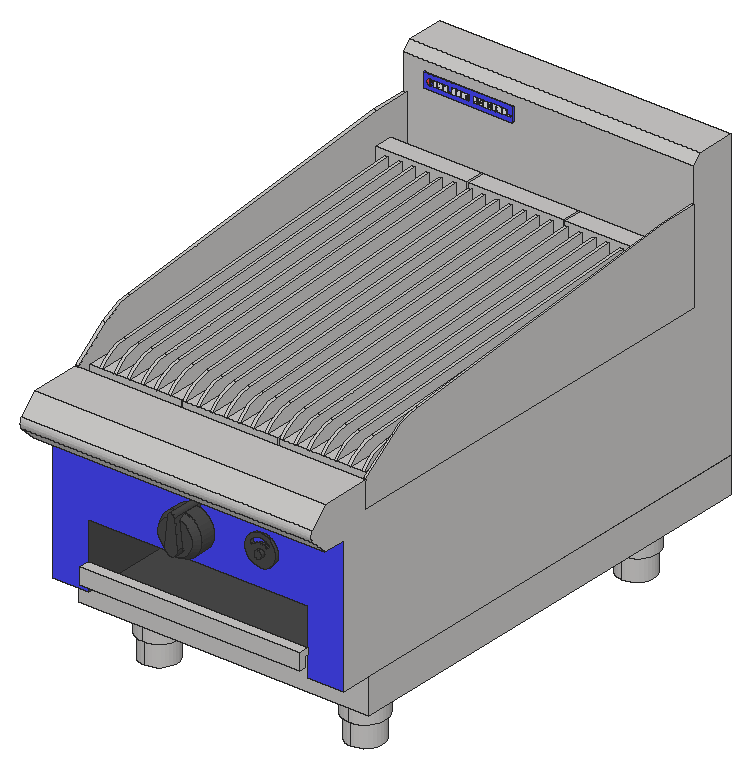
Revit family "QF_MOFFAT_BLUESEAL_CE_G593-B", category Specialty Equipment, Revit 2012
Parameters
  Weight in Pounds = 217  # constant formula
  URL Cutsheet = "www.moffat.com"
  URL = "www.moffat.com"
  Type Mark [instance] = ""
  Status [instance] = ""
  Specification by User [instance] = ""
  Specification by Manufacturer = ""
  Show Logo [instance] = yes
  Show Casters [instance] = yes
  Serial Number = ""
  Seismic Rating = ""
  SMACNA No = ""
  Revision Code [instance] = ""
  Omniclass Number and Title = ""
  NAFEM Spec ID Number = ""
  Model = "G593-B"
  Mechanical Remarks [instance] = ""
  Mechanical Connection Type [instance] = ""
  Masterspec = ""
  Manufacturer = "MOFFAT BLUESEAL"
  Legs [instance] = not(Show Casters)  # no
  Item Number [instance] = ""
  Installed By [instance] = ""
  Identify Quantity as Lot [instance] = yes
  Gas Size = 3/4"
  Gas RI Height [instance] = 0 mm
  Gas KW [instance] = 14.4
  Gas Input [instance] = 48500.0 Btu/h
  Gas Connection Height = 0 mm
  Furnished By [instance] = ""
  Foodservice Equipment Identifier [instance] = yes
  Description = "450MM GAS CHARGRILL BENCH MOUNT"
  CSI MasterFormat = ""
  CSI Master Format = ""
  Body Finish = QF_Finishes_Stainless Steel
Reference planes
  plane 1 "BACK": y = 0
  plane 2: z = 0
  plane 3 "LEFT": x = 0
  plane 4 "RIGHT": x = 450
  plane 5 "FRONT": y = -812
  plane 6 "TOP": z = 972
  plane 7 "Center Y": x = 225
  plane 8 "Center X": y = -406
  plane 9: y = -100
  plane 10: y = -625
  plane 11: z = 585
  plane 12: x = 65.5
  plane 13: x = 384.5
Forms (mm)
  Extrusion 1, solid, material "QF_Finishes_Stainless Steel" <- "Body Finish"
    sketch origin (0, 0, -500) x (0, 1, 0) y (0, 0, 1)
      loop
        line (0, 640) -> (0, 1085) -> (-57.5, 1085) -> (-70, 1072.5) -> (-70, 875) -> (-705, 875) -> (-705, 915) -> (-783.97, 915) -> (-808.485, 890.485)
        arc (-808.485, 890.485) -> (-811.999, 882) -> (-808.485, 873.515) r 12
        line (-808.485, 873.515) -> (-784.97, 850) -> (-749, 850) -> (-749, 640) -> (0, 640)
      loop
        line (0, 585) -> (0, 639.206) -> (-699, 639.206) -> (-699, 585) -> (0, 585)
    from 0 to 450
  Extrusion 2, solid, material "QF_Finishes_Stainless Steel" <- "Body Finish"
    sketch origin (0, 0, -342.612) x (0, 1, 0) y (0, 0, 1)
      loop
        line (-70, 717) -> (-70, 860.112) -> (-127.045, 860.112) -> (-604.53, 814.135)
        arc (-604.53, 814.135) -> (-629.557, 808.415) -> (-652.303, 796.511) r 100
        line (-652.303, 796.511) -> (-705, 759.612) -> (-705, 717) -> (-70, 717)
    from 0 to 4.5
  Extrusion 3, solid, material "QF_Finishes_Stainless Steel" <- "Body Finish"
    sketch origin (450, 0, 0) x (0, -1, 0) y (0, 0, 1)
      loop
        line (70, 374.388) -> (705, 374.388) -> (705, 417) -> (652.303, 453.899)
        arc (652.303, 453.899) -> (629.557, 465.803) -> (604.53, 471.523) r 100
        line (604.53, 471.523) -> (127.045, 517.5) -> (70, 517.5) -> (70, 374.388)
    from 0 to 3
  Extrusion 4, solid, material "QF_Finishes_Stainless Steel"
    sketch origin (276, 0, -342) x (0, 1, 0) y (0, 0, 1)
      loop
        line (-132, 752.364) -> (-132, 804.849) -> (-637.852, 774.53)
        arc (-637.852, 774.53) -> (-663.098, 767.97) -> (-684, 752.364) r 67.81
        line (-684, 752.364) -> (-132, 752.364)
    from 0 to 4.5
  Extrusion 5, solid, material "QF_Finishes_Stainless Steel"
    sketch origin (255, 0, -342) x (0, 1, 0) y (0, 0, 1)
      loop
        line (-132, 752.364) -> (-132, 804.849) -> (-637.852, 774.53)
        arc (-637.852, 774.53) -> (-663.098, 767.97) -> (-684, 752.364) r 67.81
        line (-684, 752.364) -> (-132, 752.364)
    from 0 to 4.5
  Extrusion 6, solid, material "QF_Finishes_Stainless Steel"
    sketch origin (234, 0, -342) x (0, 1, 0) y (0, 0, 1)
      loop
        line (-132, 752.364) -> (-132, 804.849) -> (-637.852, 774.53)
        arc (-637.852, 774.53) -> (-663.098, 767.97) -> (-684, 752.364) r 67.81
        line (-684, 752.364) -> (-132, 752.364)
    from 0 to 4.5
  Extrusion 7, solid, material "QF_Finishes_Stainless Steel"
    sketch origin (213, 0, -342) x (0, 1, 0) y (0, 0, 1)
      loop
        line (-132, 752.364) -> (-132, 804.849) -> (-637.852, 774.53)
        arc (-637.852, 774.53) -> (-663.098, 767.97) -> (-684, 752.364) r 67.81
        line (-684, 752.364) -> (-132, 752.364)
    from 0 to 4.5
  Extrusion 8, solid, material "QF_Finishes_Stainless Steel"
    sketch origin (192, 0, -342) x (0, 1, 0) y (0, 0, 1)
      loop
        line (-132, 752.364) -> (-132, 804.849) -> (-637.852, 774.53)
        arc (-637.852, 774.53) -> (-663.098, 767.97) -> (-684, 752.364) r 67.81
        line (-684, 752.364) -> (-132, 752.364)
    from 0 to 4.5
  Extrusion 9, solid, material "QF_Finishes_Stainless Steel"
    sketch origin (171, 0, -342) x (0, 1, 0) y (0, 0, 1)
      loop
        line (-132, 752.364) -> (-132, 804.849) -> (-637.852, 774.53)
        arc (-637.852, 774.53) -> (-663.098, 767.97) -> (-684, 752.364) r 67.81
        line (-684, 752.364) -> (-132, 752.364)
    from 0 to 4.5
  Extrusion 10, solid, material "QF_Finishes_Stainless Steel"
    sketch origin (150, 0, -342) x (0, 1, 0) y (0, 0, 1)
      loop
        line (-132, 752.364) -> (-132, 804.849) -> (-637.852, 774.53)
        arc (-637.852, 774.53) -> (-663.098, 767.97) -> (-684, 752.364) r 67.81
        line (-684, 752.364) -> (-132, 752.364)
    from 0 to 4.5
  Extrusion 11, solid, material "QF_Finishes_Stainless Steel"
    sketch origin (126, 0, -342) x (0, 1, 0) y (0, 0, 1)
      loop
        line (-132, 752.364) -> (-132, 804.849) -> (-637.852, 774.53)
        arc (-637.852, 774.53) -> (-663.098, 767.97) -> (-684, 752.364) r 67.81
        line (-684, 752.364) -> (-132, 752.364)
    from 0 to 4.5
  Extrusion 12, solid, material "QF_Finishes_Stainless Steel"
    sketch origin (105, 0, -342) x (0, 1, 0) y (0, 0, 1)
      loop
        line (-132, 752.364) -> (-132, 804.849) -> (-637.852, 774.53)
        arc (-637.852, 774.53) -> (-663.098, 767.97) -> (-684, 752.364) r 67.81
        line (-684, 752.364) -> (-132, 752.364)
    from 0 to 4.5
  Extrusion 13, solid, material "QF_Finishes_Stainless Steel"
    sketch origin (84, 0, -342) x (0, 1, 0) y (0, 0, 1)
      loop
        line (-132, 752.364) -> (-132, 804.849) -> (-637.852, 774.53)
        arc (-637.852, 774.53) -> (-663.098, 767.97) -> (-684, 752.364) r 67.81
        line (-684, 752.364) -> (-132, 752.364)
    from 0 to 4.5
  Extrusion 14, solid, material "QF_Finishes_Stainless Steel"
    sketch origin (63, 0, -342) x (0, 1, 0) y (0, 0, 1)
      loop
        line (-132, 752.364) -> (-132, 804.849) -> (-637.852, 774.53)
        arc (-637.852, 774.53) -> (-663.098, 767.97) -> (-684, 752.364) r 67.81
        line (-684, 752.364) -> (-132, 752.364)
    from 0 to 4.5
  Extrusion 15, solid, material "QF_Finishes_Stainless Steel"
    sketch origin (42, 0, -342) x (0, 1, 0) y (0, 0, 1)
      loop
        line (-132, 752.364) -> (-132, 804.849) -> (-637.852, 774.53)
        arc (-637.852, 774.53) -> (-663.098, 767.97) -> (-684, 752.364) r 67.81
        line (-684, 752.364) -> (-132, 752.364)
    from 0 to 4.5
  Extrusion 16, solid, material "QF_Finishes_Stainless Steel"
    sketch origin (21, 0, -342) x (0, 1, 0) y (0, 0, 1)
      loop
        line (-132, 752.364) -> (-132, 804.849) -> (-637.852, 774.53)
        arc (-637.852, 774.53) -> (-663.098, 767.97) -> (-684, 752.364) r 67.81
        line (-684, 752.364) -> (-132, 752.364)
    from 0 to 4.5
  Extrusion 17, solid, material "QF_Finishes_Stainless Steel"
    sketch origin (426, 0, -342) x (0, 1, 0) y (0, 0, 1)
      loop
        line (-132, 752.364) -> (-132, 804.849) -> (-637.852, 774.53)
        arc (-637.852, 774.53) -> (-663.098, 767.97) -> (-684, 752.364) r 67.81
        line (-684, 752.364) -> (-132, 752.364)
    from 0 to 4.5
  Extrusion 18, solid, material "QF_Finishes_Stainless Steel"
    sketch origin (405, 0, -342) x (0, 1, 0) y (0, 0, 1)
      loop
        line (-132, 752.364) -> (-132, 804.849) -> (-637.852, 774.53)
        arc (-637.852, 774.53) -> (-663.098, 767.97) -> (-684, 752.364) r 67.81
        line (-684, 752.364) -> (-132, 752.364)
    from 0 to 4.5
  Extrusion 19, solid, material "QF_Finishes_Stainless Steel"
    sketch origin (384, 0, -342) x (0, 1, 0) y (0, 0, 1)
      loop
        line (-132, 752.364) -> (-132, 804.849) -> (-637.852, 774.53)
        arc (-637.852, 774.53) -> (-663.098, 767.97) -> (-684, 752.364) r 67.81
        line (-684, 752.364) -> (-132, 752.364)
    from 0 to 4.5
  Extrusion 20, solid, material "QF_Finishes_Stainless Steel"
    sketch origin (363, 0, -342) x (0, 1, 0) y (0, 0, 1)
      loop
        line (-132, 752.364) -> (-132, 804.849) -> (-637.852, 774.53)
        arc (-637.852, 774.53) -> (-663.098, 767.97) -> (-684, 752.364) r 67.81
        line (-684, 752.364) -> (-132, 752.364)
    from 0 to 4.5
  Extrusion 21, solid, material "QF_Finishes_Stainless Steel"
    sketch origin (342, 0, -342) x (0, 1, 0) y (0, 0, 1)
      loop
        line (-132, 752.364) -> (-132, 804.849) -> (-637.852, 774.53)
        arc (-637.852, 774.53) -> (-663.098, 767.97) -> (-684, 752.364) r 67.81
        line (-684, 752.364) -> (-132, 752.364)
    from 0 to 4.5
  Extrusion 22, solid, material "QF_Finishes_Stainless Steel"
    sketch origin (321, 0, -342) x (0, 1, 0) y (0, 0, 1)
      loop
        line (-132, 752.364) -> (-132, 804.849) -> (-637.852, 774.53)
        arc (-637.852, 774.53) -> (-663.098, 767.97) -> (-684, 752.364) r 67.81
        line (-684, 752.364) -> (-132, 752.364)
    from 0 to 4.5
  Extrusion 23, solid, material "QF_Finishes_Stainless Steel"
    sketch origin (300, 0, -342) x (0, 1, 0) y (0, 0, 1)
      loop
        line (-132, 752.364) -> (-132, 804.849) -> (-637.852, 774.53)
        arc (-637.852, 774.53) -> (-663.098, 767.97) -> (-684, 752.364) r 67.81
        line (-684, 752.364) -> (-132, 752.364)
    from 0 to 4.5
  Extrusion 24, solid, material "QF_Finishes_Stainless Steel"
    sketch origin (0, 3, -500) x (1, 0, 0) y (0, 1, 0)
      loop
        circle (216, -35) r 13.5
    from 555 to 585
  Extrusion 25, solid, material "QF_Finishes_Stainless Steel"
    sketch origin (0, 0, -342) x (0, 1, 0) y (0, 0, 1)
      loop
        line (-132, 752.364) -> (-684, 752.364) -> (-684, 717) -> (-102, 717) -> (-102, 812) -> (-132, 812) -> (-132, 752.364)
    from 4.5 to 147
  Extrusion 26, solid, material "QF_Finishes_Stainless Steel"
    sketch origin (145.5, 0, -342) x (0, 1, 0) y (0, 0, 1)
      loop
        line (-132, 752.364) -> (-684, 752.364) -> (-684, 717) -> (-102, 717) -> (-102, 812) -> (-132, 812) -> (-132, 752.364)
    from 4.5 to 151.5
  Extrusion 27, solid, material "QF_Finishes_Stainless Steel"
    sketch origin (295.5, 0, -342) x (0, 1, 0) y (0, 0, 1)
      loop
        line (-132, 752.364) -> (-684, 752.364) -> (-684, 717) -> (-102, 717) -> (-102, 812) -> (-132, 812) -> (-132, 752.364)
    from 4.5 to 151.5
  Extrusion 28, solid, material "QF_Finishes_Black"
    sketch origin (0, -749, 350) x (0, 0, -1) y (1, 0, 0)
      loop
        circle (55.799, 325) r 23.9
      loop
        arc (44.5, 339.079) -> (37.915, 324.341) -> (45.718, 310.209) r 18.095
        arc (45.718, 310.209) -> (50.44, 311.491) -> (49.125, 316.204) r 3.448
        arc (49.125, 316.204) -> (45.557, 324.683) -> (48.44, 333.419) r 13.109
        arc (48.44, 333.419) -> (49.3, 338.219) -> (44.5, 339.079) r 3.448
    from 0 to 4
  Extrusion 29, solid, material "QF_Finishes_Black"
    sketch origin (0, -753, 350) x (0, 0, -1) y (1, 0, 0)
      loop
        circle (59.299, 325) r 5.75
    from 0 to 5
  Revolve 30, solid, material "QF_Finishes_Black"
    sketch origin (225, 7, -344.2) x (0, 1, 0) y (0, 0, 1)
      loop
        line (-789, 671.5) -> (-800, 665.651) -> (-800, 639) -> (-756, 639) -> (-756, 644) -> (-766, 644) -> (-766, 671.5) -> (-789, 671.5)
      axis (-800, 639) -> (-756, 639)
    angle from 0 to 360
  Extrusion 31, solid, material "QF_Finishes_Black"
    sketch origin (86.887, 7, -344.2) x (1, 0, 0) y (0, 0, 1)
      loop
        line (148.532, 628.195) -> (143.111, 671.113)
        arc (143.111, 671.113) -> (138.113, 676) -> (133.114, 671.113) r 5
        line (133.114, 671.113) -> (127.625, 627.028)
        arc (127.625, 627.028) -> (138.697, 616.529) -> (148.532, 628.195) r 10.487
    from 759 to 808
  Extrusion 32, void
    sketch origin (0, -749, 350) x (0, 0, 1) y (1, 0, 0)
      loop
        line (-210, 395) -> (-210, 55) -> (-110, 55) -> (-110, 395) -> (-210, 395)
    from 0 to 250
  Extrusion 33, solid, material "QF_Finishes_Stainless Steel"
    sketch origin (55, -749, 140) x (0, 0, 1) y (0, -1, 0)
      loop
        line (16.797, 15.924) -> (16.797, 5.924) -> (31.797, 5.924) -> (31.797, -31.346) -> (0, -31.346) -> (0, -50) -> (41.797, -50) -> (41.797, 15.924) -> (16.797, 15.924)
    from 0 to 340
  Revolve 34, solid, material "QF_Finishes_Stainless Steel" <- "Body Finish"
    sketch origin (65.5, -735, 0) x (0, 1, 0) y (0, 0, 1)
      loop
        line (78.25, 85) -> (78.25, 35) -> (82.5, 35) -> (82.5, 0) -> (110, 0) -> (110, 85) -> (78.25, 85)
      axis (110, 85) -> (110, 0)
    angle from 0 to 360
  Revolve 35, solid, material "QF_Finishes_Stainless Steel" <- "Body Finish"
    sketch origin (65.5, -210, 0) x (0, 1, 0) y (0, 0, 1)
      loop
        line (78.25, 85) -> (78.25, 35) -> (82.5, 35) -> (82.5, 0) -> (110, 0) -> (110, 85) -> (78.25, 85)
      axis (110, 85) -> (110, 0)
    angle from 0 to 360
  Revolve 36, solid, material "QF_Finishes_Stainless Steel" <- "Body Finish"
    sketch origin (384.5, -735, 0) x (0, 1, 0) y (0, 0, -1)
      loop
        line (78.25, -85) -> (110, -85) -> (110, 0) -> (82.5, 0) -> (82.5, -35) -> (78.25, -35) -> (78.25, -85)
      axis (110, -85) -> (110, 0)
    angle from 0 to 360
  Revolve 37, solid, material "QF_Finishes_Stainless Steel" <- "Body Finish"
    sketch origin (384.5, -210, 0) x (0, 1, 0) y (0, 0, -1)
      loop
        line (78.25, -85) -> (110, -85) -> (110, 0) -> (82.5, 0) -> (82.5, -35) -> (78.25, -35) -> (78.25, -85)
      axis (110, -85) -> (110, 0)
    angle from 0 to 360
Cuts and joins
  Extrusion 32 cuts Extrusion 33
  Extrusion 32 cuts Extrusion 1
Lines and regions (mm)
  Split face 1
    outline origin (450, 0, 585) x (-1, 0, 0) y (0, -1, 0)
      loop
        arc (174, 45.385) -> (165.34, 40.385) -> (165.34, 30.385) r 10
        line (165.34, 30.385) -> (169.381, 23.385)
        arc (169.381, 23.385) -> (173.041, 19.725) -> (178.041, 18.385) r 10
        line (178.041, 18.385) -> (406, 18.385)
        arc (406, 18.385) -> (414.66, 23.385) -> (414.66, 33.385) r 10
        line (414.66, 33.385) -> (410.619, 40.385)
        arc (410.619, 40.385) -> (406.959, 44.045) -> (401.959, 45.385) r 10
        line (401.959, 45.385) -> (174, 45.385)
  Split face 2
    outline origin (450, 0, 585) x (-1, 0, 0) y (0, -1, 0)
      loop
        arc (24, 45.385) -> (15.34, 40.385) -> (15.34, 30.385) r 10
        line (15.34, 30.385) -> (19.381, 23.385)
        arc (19.381, 23.385) -> (23.041, 19.725) -> (28.041, 18.385) r 10
        line (28.041, 18.385) -> (106, 18.385)
        arc (106, 18.385) -> (114.66, 23.385) -> (114.66, 33.385) r 10
        line (114.66, 33.385) -> (110.619, 40.385)
        arc (110.619, 40.385) -> (106.959, 44.045) -> (101.959, 45.385) r 10
        line (101.959, 45.385) -> (24, 45.385)
  symbolic lines
    curve 1: line (0, 0, 0) -> (450, 0, 0)
    curve 2: line (0, -812, 0) -> (0, 0, 0)
    curve 3: line (450, 0, 0) -> (450, -812, 0)
    curve 4: line (0, -57.5, 0) -> (450, -57.5, 0)
    curve 5: line (0, -70, 0) -> (450, -70, 0)
    curve 6: line (450, -705, 0) -> (0, -705, 0)
    curve 7: line (0, -783.97, 0) -> (450, -783.97, 0)
    curve 8: line (450, -812, 0) -> (0, -812, 0)
    curve 9: line (297, -102, 0) -> (150, -102, 0)
    curve 10: line (447, -102, 0) -> (297, -102, 0)
    curve 11: line (447, -70, 0) -> (447, -705, 0)
    curve 12: line (150, -102, 0) -> (4.5, -102, 0)
    curve 13: line (4.5, -705, 0) -> (4.5, -70, 0)
    curve 14: line (4.5, -132, 0) -> (147, -132, 0)
    curve 15: line (147, -132, 0) -> (297, -132, 0)
    curve 16: line (150, -102, 0) -> (150, -684, 0)
    curve 17: line (147, -684, 0) -> (147, -102, 0)
    curve 18: line (297, -684, 0) -> (297, -102, 0)
    curve 19: line (300, -102, 0) -> (300, -684, 0)
    curve 20: line (46.5, -684, 0) -> (46.5, -132, 0)
    curve 21: line (25.5, -684, 0) -> (25.5, -132, 0)
    curve 22: line (67.5, -684, 0) -> (67.5, -132, 0)
    curve 23: line (88.5, -684, 0) -> (88.5, -132, 0)
    curve 24: line (109.5, -684, 0) -> (109.5, -132, 0)
    curve 25: line (126, -132, 0) -> (126, -684, 0)
    curve 26: line (154.5, -684, 0) -> (154.5, -132, 0)
    curve 27: line (175.5, -684, 0) -> (175.5, -132, 0)
    curve 28: line (196.5, -684, 0) -> (196.5, -132, 0)
    curve 29: line (217.5, -684, 0) -> (217.5, -132, 0)
    curve 30: line (238.5, -684, 0) -> (238.5, -132, 0)
    curve 31: line (259.5, -684, 0) -> (259.5, -132, 0)
    curve 32: line (280.5, -684, 0) -> (280.5, -132, 0)
    curve 33: line (304.5, -684, 0) -> (304.5, -132, 0)
    curve 34: line (325.5, -684, 0) -> (325.5, -132, 0)
    curve 35: line (346.5, -684, 0) -> (346.5, -132, 0)
    curve 36: line (367.5, -684, 0) -> (367.5, -132, 0)
    curve 37: line (388.5, -684, 0) -> (388.5, -132, 0)
    curve 38: line (409.5, -684, 0) -> (409.5, -132, 0)
    curve 39: line (430.5, -684, 0) -> (430.5, -132, 0)
    curve 40: line (300, -684, 0) -> (447, -684, 0)
    curve 41: line (150, -684, 0) -> (297, -684, 0)
    curve 42: line (4.5, -684, 0) -> (147, -684, 0)
    curve 43: line (300, -132, 0) -> (447, -132, 0)
    curve 44: line (421.959, -18.385, 0) -> (344, -18.385, 0)
    curve 45: arc (344, -18.385, 0) -> (335.34, -23.385, 0) -> (335.34, -33.385, 0) r 10
    curve 46: line (335.34, -33.385, 0) -> (339.381, -40.385, 0)
    curve 47: arc (339.381, -40.385, 0) -> (343.041, -44.045, 0) -> (348.041, -45.385, 0) r 10
    curve 48: line (348.041, -45.385, 0) -> (426, -45.385, 0)
    curve 49: arc (426, -45.385, 0) -> (434.66, -40.385, 0) -> (434.66, -30.385, 0) r 10
    curve 50: line (434.66, -30.385, 0) -> (430.619, -23.385, 0)
    curve 51: arc (430.619, -23.385, 0) -> (426.959, -19.725, 0) -> (421.959, -18.385, 0) r 10
    curve 52: line (271.959, -18.385, 0) -> (44, -18.385, 0)
    curve 53: arc (44, -18.385, 0) -> (35.34, -23.385, 0) -> (35.34, -33.385, 0) r 10
    curve 54: line (35.34, -33.385, 0) -> (39.381, -40.385, 0)
    curve 55: arc (39.381, -40.385, 0) -> (43.041, -44.045, 0) -> (48.041, -45.385, 0) r 10
    curve 56: line (48.041, -45.385, 0) -> (276, -45.385, 0)
    curve 57: arc (276, -45.385, 0) -> (284.66, -40.385, 0) -> (284.66, -30.385, 0) r 10
    curve 58: line (284.66, -30.385, 0) -> (280.619, -23.385, 0)
    curve 59: arc (280.619, -23.385, 0) -> (276.959, -19.725, 0) -> (271.959, -18.385, 0) r 10
Dimensions and locks
  equal spacing: plane 3 "LEFT", plane 7 "Center Y", plane 4 "RIGHT"
  plane 3 "LEFT" to plane 4 "RIGHT" = 450 mm
  equal spacing: plane 5 "FRONT", plane 8 "Center X", plane 1 "BACK"
  plane 5 "FRONT" to plane 1 "BACK" = 812 mm  (x2)
  equal spacing: plane 4 "RIGHT", plane 7 "Center Y", plane 3 "LEFT"
  plane 4 "RIGHT" to plane 3 "LEFT" = 450 mm
  locked: plane 11 to level at 585
  Extrusion 24 sketch curve to plane 1 "BACK" = 32 mm
  plane 12 to plane 13 = 319 mm
  level to Extrusion 24 = 55 mm
  level to cut or joined group of Extrusion 1, Extrusion 32 = 85 mm
  plane 1 "BACK" to plane 9 = 100 mm
  plane 9 to plane 10 = 525 mm
  aligned and locked: level to plane 2
Automatic sketch dimensions
  Extrusion 1 sketch curve to plane 11 = 0 mm
  Extrusion 1 sketch curve to plane 1 "BACK" = 0 mm  (x2)
  Extrusion 1 sketch curve to plane 9 = 42.5 mm
  Extrusion 1 sketch curve to plane 9 = 30 mm
  plane 10 to Extrusion 1 sketch curve = 74 mm
  plane 10 to Extrusion 1 sketch curve = 80 mm
  Extrusion 1 sketch curve to Extrusion 1 sketch curve = 50 mm
  Extrusion 1 sketch curve to plane 5 "FRONT" = 28.03 mm
  Extrusion 1 sketch curve to plane 5 "FRONT" = 27.03 mm
  Extrusion 1 sketch curve to plane 5 "FRONT" = 12.001 mm
  Extrusion 1 sketch curve to plane 5 "FRONT" = 3.515 mm  (x2)
  Extrusion 1 sketch curve to plane 11 = 12.5 mm
  Extrusion 1 sketch curve to plane 11 = 170 mm
  Extrusion 1 sketch curve to Extrusion 1 sketch curve = 24.515 mm
  Extrusion 1 sketch curve to Extrusion 1 sketch curve = 8.485 mm
  Extrusion 1 sketch curve to Extrusion 1 sketch curve = 40 mm
  Extrusion 1 sketch curve to Extrusion 1 sketch curve = 25 mm
  level to Extrusion 1 sketch curve = 140 mm
  Extrusion 1 sketch curve to Extrusion 1 sketch curve = 0.794 mm
  Extrusion 1 sketch curve to Extrusion 1 sketch curve = 54.206 mm
  plane 10 to Extrusion 2 sketch curve = 80 mm
  plane 10 to Extrusion 2 sketch curve = 27.303 mm
  Extrusion 2 sketch curve to plane 10 = 20.47 mm
  Extrusion 2 sketch curve to plane 10 = 30.055 mm
  plane 9 to Extrusion 2 sketch curve = 27.045 mm
  Extrusion 2 sketch curve to plane 9 = 30 mm
  Extrusion 2 sketch curve to plane 11 = 213.016 mm
  Extrusion 2 sketch curve to Extrusion 2 sketch curve = 2.405 mm
  Extrusion 2 sketch curve to Extrusion 2 sketch curve = 42.612 mm
  Extrusion 2 sketch curve to Extrusion 2 sketch curve = 36.899 mm
  Extrusion 2 sketch curve to plane 11 = 67.5 mm
  Extrusion 3 sketch curve to plane 9 = 30 mm
  plane 9 to Extrusion 3 sketch curve = 27.045 mm
  Extrusion 3 sketch curve to plane 10 = 30.055 mm
  Extrusion 3 sketch curve to plane 10 = 20.47 mm
  plane 10 to Extrusion 3 sketch curve = 27.303 mm
  plane 10 to Extrusion 3 sketch curve = 80 mm
  Extrusion 3 sketch curve to plane 11 = 213.016 mm
  Extrusion 3 sketch curve to Extrusion 3 sketch curve = 2.405 mm
  Extrusion 3 sketch curve to Extrusion 3 sketch curve = 42.612 mm
  Extrusion 3 sketch curve to Extrusion 3 sketch curve = 36.899 mm
  Extrusion 3 sketch curve to plane 11 = 67.5 mm
  plane 10 to Extrusion 4 sketch curve = 59 mm
  plane 10 to Extrusion 4 sketch curve = 12.852 mm
  plane 10 to Extrusion 4 sketch curve = 8.738 mm
  plane 9 to Extrusion 4 sketch curve = 32 mm
  Extrusion 4 sketch curve to plane 11 = 220.155 mm
  Extrusion 4 sketch curve to plane 11 = 174.636 mm
  Extrusion 4 sketch curve to Extrusion 4 sketch curve = 52.486 mm
  plane 10 to Extrusion 5 sketch curve = 59 mm
  plane 10 to Extrusion 5 sketch curve = 12.852 mm
  plane 10 to Extrusion 5 sketch curve = 8.738 mm
  plane 9 to Extrusion 5 sketch curve = 32 mm
  Extrusion 5 sketch curve to plane 11 = 220.155 mm
  Extrusion 5 sketch curve to plane 11 = 174.636 mm
  Extrusion 5 sketch curve to Extrusion 5 sketch curve = 52.486 mm
  plane 10 to Extrusion 6 sketch curve = 59 mm
  plane 10 to Extrusion 6 sketch curve = 12.852 mm
  plane 10 to Extrusion 6 sketch curve = 8.738 mm
  plane 9 to Extrusion 6 sketch curve = 32 mm
  Extrusion 6 sketch curve to plane 11 = 220.155 mm
  Extrusion 6 sketch curve to plane 11 = 174.636 mm
  Extrusion 6 sketch curve to Extrusion 6 sketch curve = 52.486 mm
  plane 10 to Extrusion 7 sketch curve = 59 mm
  plane 10 to Extrusion 7 sketch curve = 12.852 mm
  plane 10 to Extrusion 7 sketch curve = 8.738 mm
  plane 9 to Extrusion 7 sketch curve = 32 mm
  Extrusion 7 sketch curve to plane 11 = 220.155 mm
  Extrusion 7 sketch curve to plane 11 = 174.636 mm
  Extrusion 7 sketch curve to Extrusion 7 sketch curve = 52.486 mm
  plane 10 to Extrusion 8 sketch curve = 59 mm
  plane 10 to Extrusion 8 sketch curve = 12.852 mm
  plane 10 to Extrusion 8 sketch curve = 8.738 mm
  plane 9 to Extrusion 8 sketch curve = 32 mm
  Extrusion 8 sketch curve to plane 11 = 220.155 mm
  Extrusion 8 sketch curve to plane 11 = 174.636 mm
  Extrusion 8 sketch curve to Extrusion 8 sketch curve = 52.486 mm
  plane 10 to Extrusion 9 sketch curve = 59 mm
  plane 10 to Extrusion 9 sketch curve = 12.852 mm
  plane 10 to Extrusion 9 sketch curve = 8.738 mm
  plane 9 to Extrusion 9 sketch curve = 32 mm
  Extrusion 9 sketch curve to plane 11 = 220.155 mm
  Extrusion 9 sketch curve to plane 11 = 174.636 mm
  Extrusion 9 sketch curve to Extrusion 9 sketch curve = 52.486 mm
  plane 10 to Extrusion 10 sketch curve = 59 mm
  plane 10 to Extrusion 10 sketch curve = 12.852 mm
  plane 10 to Extrusion 10 sketch curve = 8.738 mm
  plane 9 to Extrusion 10 sketch curve = 32 mm
  Extrusion 10 sketch curve to plane 11 = 220.155 mm
  Extrusion 10 sketch curve to plane 11 = 174.636 mm
  Extrusion 10 sketch curve to Extrusion 10 sketch curve = 52.486 mm
  plane 10 to Extrusion 11 sketch curve = 59 mm
  plane 10 to Extrusion 11 sketch curve = 12.852 mm
  plane 10 to Extrusion 11 sketch curve = 8.738 mm
  plane 9 to Extrusion 11 sketch curve = 32 mm
  Extrusion 11 sketch curve to plane 11 = 220.155 mm
  Extrusion 11 sketch curve to plane 11 = 174.636 mm
  Extrusion 11 sketch curve to Extrusion 11 sketch curve = 52.486 mm
  plane 10 to Extrusion 12 sketch curve = 59 mm
  plane 10 to Extrusion 12 sketch curve = 12.852 mm
  plane 10 to Extrusion 12 sketch curve = 8.738 mm
  plane 9 to Extrusion 12 sketch curve = 32 mm
  Extrusion 12 sketch curve to plane 11 = 220.155 mm
  Extrusion 12 sketch curve to plane 11 = 174.636 mm
  Extrusion 12 sketch curve to Extrusion 12 sketch curve = 52.486 mm
  plane 10 to Extrusion 13 sketch curve = 59 mm
  plane 10 to Extrusion 13 sketch curve = 12.852 mm
  plane 10 to Extrusion 13 sketch curve = 8.738 mm
  plane 9 to Extrusion 13 sketch curve = 32 mm
  Extrusion 13 sketch curve to plane 11 = 220.155 mm
  Extrusion 13 sketch curve to plane 11 = 174.636 mm
  Extrusion 13 sketch curve to Extrusion 13 sketch curve = 52.486 mm
  plane 10 to Extrusion 14 sketch curve = 59 mm
  plane 10 to Extrusion 14 sketch curve = 12.852 mm
  plane 10 to Extrusion 14 sketch curve = 8.738 mm
  plane 9 to Extrusion 14 sketch curve = 32 mm
  Extrusion 14 sketch curve to plane 11 = 220.155 mm
  Extrusion 14 sketch curve to plane 11 = 174.636 mm
  Extrusion 14 sketch curve to Extrusion 14 sketch curve = 52.486 mm
  plane 10 to Extrusion 15 sketch curve = 59 mm
  plane 10 to Extrusion 15 sketch curve = 12.852 mm
  plane 10 to Extrusion 15 sketch curve = 8.738 mm
  plane 9 to Extrusion 15 sketch curve = 32 mm
  Extrusion 15 sketch curve to plane 11 = 220.155 mm
  Extrusion 15 sketch curve to plane 11 = 174.636 mm
  Extrusion 15 sketch curve to Extrusion 15 sketch curve = 52.486 mm
  plane 10 to Extrusion 16 sketch curve = 59 mm
  plane 10 to Extrusion 16 sketch curve = 12.852 mm
  plane 10 to Extrusion 16 sketch curve = 8.738 mm
  plane 9 to Extrusion 16 sketch curve = 32 mm
  Extrusion 16 sketch curve to plane 11 = 220.155 mm
  Extrusion 16 sketch curve to plane 11 = 174.636 mm
  Extrusion 16 sketch curve to Extrusion 16 sketch curve = 52.486 mm
  plane 10 to Extrusion 17 sketch curve = 59 mm
  plane 10 to Extrusion 17 sketch curve = 12.852 mm
  plane 10 to Extrusion 17 sketch curve = 8.738 mm
  plane 9 to Extrusion 17 sketch curve = 32 mm
  Extrusion 17 sketch curve to plane 11 = 220.155 mm
  Extrusion 17 sketch curve to plane 11 = 174.636 mm
  Extrusion 17 sketch curve to Extrusion 17 sketch curve = 52.486 mm
  plane 10 to Extrusion 18 sketch curve = 59 mm
  plane 10 to Extrusion 18 sketch curve = 12.852 mm
  plane 10 to Extrusion 18 sketch curve = 8.738 mm
  plane 9 to Extrusion 18 sketch curve = 32 mm
  Extrusion 18 sketch curve to plane 11 = 220.155 mm
  Extrusion 18 sketch curve to plane 11 = 174.636 mm
  Extrusion 18 sketch curve to Extrusion 18 sketch curve = 52.486 mm
  plane 10 to Extrusion 19 sketch curve = 59 mm
  plane 10 to Extrusion 19 sketch curve = 12.852 mm
  plane 10 to Extrusion 19 sketch curve = 8.738 mm
  plane 9 to Extrusion 19 sketch curve = 32 mm
  Extrusion 19 sketch curve to plane 11 = 220.155 mm
  Extrusion 19 sketch curve to plane 11 = 174.636 mm
  Extrusion 19 sketch curve to Extrusion 19 sketch curve = 52.486 mm
  plane 10 to Extrusion 20 sketch curve = 59 mm
  plane 10 to Extrusion 20 sketch curve = 12.852 mm
  plane 10 to Extrusion 20 sketch curve = 8.738 mm
  plane 9 to Extrusion 20 sketch curve = 32 mm
  Extrusion 20 sketch curve to plane 11 = 220.155 mm
  Extrusion 20 sketch curve to plane 11 = 174.636 mm
  Extrusion 20 sketch curve to Extrusion 20 sketch curve = 52.486 mm
  plane 10 to Extrusion 21 sketch curve = 59 mm
  plane 10 to Extrusion 21 sketch curve = 12.852 mm
  plane 10 to Extrusion 21 sketch curve = 8.738 mm
  plane 9 to Extrusion 21 sketch curve = 32 mm
  Extrusion 21 sketch curve to plane 11 = 220.155 mm
  Extrusion 21 sketch curve to plane 11 = 174.636 mm
  Extrusion 21 sketch curve to Extrusion 21 sketch curve = 52.486 mm
  plane 10 to Extrusion 22 sketch curve = 59 mm
  plane 10 to Extrusion 22 sketch curve = 12.852 mm
  plane 10 to Extrusion 22 sketch curve = 8.738 mm
  plane 9 to Extrusion 22 sketch curve = 32 mm
  Extrusion 22 sketch curve to plane 11 = 220.155 mm
  Extrusion 22 sketch curve to plane 11 = 174.636 mm
  Extrusion 22 sketch curve to Extrusion 22 sketch curve = 52.486 mm
  plane 10 to Extrusion 23 sketch curve = 59 mm
  plane 10 to Extrusion 23 sketch curve = 12.852 mm
  plane 10 to Extrusion 23 sketch curve = 8.738 mm
  plane 9 to Extrusion 23 sketch curve = 32 mm
  Extrusion 23 sketch curve to plane 11 = 220.155 mm
  Extrusion 23 sketch curve to plane 11 = 174.636 mm
  Extrusion 23 sketch curve to Extrusion 23 sketch curve = 52.486 mm
  Extrusion 24 sketch curve to plane 7 "Center Y" = 9 mm
  plane 10 to Extrusion 25 sketch curve = 59 mm
  plane 9 to Extrusion 25 sketch curve = 32 mm
  plane 9 to Extrusion 25 sketch curve = 2 mm
  Extrusion 25 sketch curve to plane 11 = 210 mm
  Extrusion 25 sketch curve to Extrusion 25 sketch curve = 35.364 mm
  Extrusion 25 sketch curve to Extrusion 25 sketch curve = 59.636 mm
  plane 10 to Extrusion 26 sketch curve = 59 mm
  plane 9 to Extrusion 26 sketch curve = 32 mm
  plane 9 to Extrusion 26 sketch curve = 2 mm
  Extrusion 26 sketch curve to plane 11 = 210 mm
  Extrusion 26 sketch curve to Extrusion 26 sketch curve = 35.364 mm
  Extrusion 26 sketch curve to Extrusion 26 sketch curve = 59.636 mm
  plane 10 to Extrusion 27 sketch curve = 59 mm
  plane 9 to Extrusion 27 sketch curve = 32 mm
  plane 9 to Extrusion 27 sketch curve = 2 mm
  Extrusion 27 sketch curve to plane 11 = 210 mm
  Extrusion 27 sketch curve to Extrusion 27 sketch curve = 35.364 mm
  Extrusion 27 sketch curve to Extrusion 27 sketch curve = 59.636 mm
  Extrusion 1 to Extrusion 28 sketch curve = 44.5 mm
  Extrusion 28 sketch curve to Extrusion 28 sketch curve = 1.218 mm
  Extrusion 28 sketch curve to Extrusion 28 sketch curve = 1.97 mm  (x2)
  Extrusion 28 sketch curve to Extrusion 28 sketch curve = 1.724 mm
  Extrusion 28 sketch curve to Extrusion 28 sketch curve = 1.683 mm
  Extrusion 28 sketch curve to Extrusion 28 sketch curve = 6.674 mm
  Extrusion 28 sketch curve to Extrusion 28 sketch curve = 0.195 mm
  Extrusion 28 sketch curve to Extrusion 28 sketch curve = 2.662 mm
  Extrusion 1 to Extrusion 28 sketch curve = 139.791 mm
  Extrusion 28 sketch curve to Extrusion 28 sketch curve = 2.986 mm
  Extrusion 28 sketch curve to Extrusion 28 sketch curve = 8.796 mm
  Extrusion 28 sketch curve to Extrusion 28 sketch curve = 0.103 mm
  Extrusion 28 sketch curve to Extrusion 28 sketch curve = 0.102 mm
  Revolve 30 sketch curve to plane 5 "FRONT" = 19 mm
  Revolve 30 sketch curve to Revolve 30 sketch curve = 0 mm  (x2)
  Revolve 30 sketch curve to Revolve 30 sketch curve = 11 mm
  Revolve 30 sketch curve to Revolve 30 sketch curve = 12.7 mm
  Revolve 30 sketch curve to Revolve 30 sketch curve = 23 mm
  Revolve 30 sketch curve to Revolve 30 sketch curve = 10 mm
  Revolve 30 sketch curve to plane 11 = 290.2 mm
  Revolve 30 sketch curve to Revolve 30 sketch curve = 5 mm
  Revolve 30 sketch curve to Revolve 30 sketch curve = 26.651 mm
  Revolve 30 sketch curve to Revolve 30 sketch curve = 5.849 mm
  plane 13 to Extrusion 31 sketch curve = 169.987 mm
  plane 13 to Extrusion 31 sketch curve = 164.499 mm
  Extrusion 31 sketch curve to Extrusion 31 sketch curve = 4.999 mm  (x2)
  Extrusion 31 sketch curve to Extrusion 31 sketch curve = 10.487 mm
  Extrusion 31 sketch curve to Extrusion 31 sketch curve = 10.419 mm
  level to Extrusion 31 sketch curve = 282.8 mm
  Extrusion 31 sketch curve to Extrusion 31 sketch curve = 0.028 mm
  Extrusion 31 sketch curve to Extrusion 31 sketch curve = 44 mm
  Extrusion 31 sketch curve to Extrusion 31 sketch curve = 0.113 mm
  Extrusion 32 sketch curve to Extrusion 1 = 0 mm
  Extrusion 32 sketch curve to Extrusion 1 = 100 mm
  Extrusion 32 sketch curve to Extrusion 1 = 55 mm  (x2)
  Extrusion 32 to Extrusion 33 sketch curve = 0 mm
  Extrusion 33 sketch curve to Extrusion 32 = 5.924 mm
  Extrusion 33 sketch curve to Extrusion 32 = 16.797 mm
  Extrusion 33 sketch curve to Extrusion 33 sketch curve = 15 mm
  Extrusion 33 sketch curve to Extrusion 33 sketch curve = 10 mm  (x2)
  Extrusion 32 to Extrusion 33 sketch curve = 31.346 mm
  Extrusion 33 sketch curve to Extrusion 33 sketch curve = 18.654 mm
  Revolve 34 sketch curve to level = 0 mm
  Revolve 34 sketch curve to plane 10 = 0 mm  (x2)
  plane 10 to Revolve 34 sketch curve = 27.5 mm
  plane 10 to Revolve 34 sketch curve = 31.75 mm
  Revolve 34 sketch curve to Revolve 34 sketch curve = 55 mm
  level to Revolve 34 sketch curve = 35 mm
  Revolve 34 sketch curve to Revolve 34 sketch curve = 15 mm
  Revolve 34 sketch curve to Revolve 34 sketch curve = 35 mm
  Revolve 35 sketch curve to level = 0 mm
  Revolve 35 sketch curve to plane 9 = 0 mm  (x2)
  Revolve 35 sketch curve to Revolve 35 sketch curve = 27.5 mm
  Revolve 35 sketch curve to Revolve 35 sketch curve = 31.75 mm
  Revolve 35 sketch curve to Revolve 35 sketch curve = 55 mm
  level to Revolve 35 sketch curve = 35 mm
  Revolve 35 sketch curve to Revolve 35 sketch curve = 15 mm
  Revolve 35 sketch curve to Revolve 35 sketch curve = 35 mm
  Revolve 36 sketch curve to level = 0 mm
  Revolve 36 sketch curve to plane 10 = 0 mm  (x2)
  plane 10 to Revolve 36 sketch curve = 27.5 mm
  plane 10 to Revolve 36 sketch curve = 31.75 mm
  Revolve 36 sketch curve to Revolve 36 sketch curve = 35 mm  (x2)
  Revolve 36 sketch curve to Revolve 36 sketch curve = 15 mm
  Revolve 36 sketch curve to level = 55 mm
  Revolve 37 sketch curve to level = 0 mm
  Revolve 37 sketch curve to plane 9 = 0 mm  (x2)
  Revolve 37 sketch curve to Revolve 37 sketch curve = 27.5 mm
  Revolve 37 sketch curve to Revolve 37 sketch curve = 31.75 mm
  Revolve 37 sketch curve to Revolve 37 sketch curve = 35 mm  (x2)
  Revolve 37 sketch curve to Revolve 37 sketch curve = 15 mm
  Revolve 37 sketch curve to level = 55 mm
  plane 1 "BACK" to curve 2 = 0 mm
  curve 4 to plane 9 = 42.5 mm
  curve 5 to curve 4 = 12.5 mm
  curve 2 to curve 7 = 28.03 mm
  curve 1 to plane 3 "LEFT" = 0 mm
  curve 3 to plane 4 "RIGHT" = 0 mm
  curve 2 to plane 5 "FRONT" = 0 mm
  plane 9 to curve 9 = 2 mm
  curve 9 to plane 7 "Center Y" = 75 mm
  plane 7 "Center Y" to curve 9 = 72 mm
  plane 4 "RIGHT" to curve 10 = 3 mm
  curve 11 to curve 6 = 0 mm
  curve 11 to curve 5 = 0 mm
  plane 3 "LEFT" to curve 12 = 4.5 mm
  curve 14 to curve 9 = 3 mm
  curve 14 to curve 9 = 30 mm
  curve 17 to curve 9 = 3 mm
  curve 17 to curve 16 = 0 mm
  plane 10 to curve 18 = 59 mm
  curve 9 to curve 19 = 3 mm
  curve 18 to curve 19 = 0 mm
  curve 20 to plane 12 = 19 mm
  curve 13 to curve 20 = 21 mm
  curve 21 to curve 20 = 21 mm
  plane 12 to curve 22 = 2 mm
  curve 22 to curve 23 = 21 mm
  curve 23 to curve 24 = 21 mm
  curve 24 to curve 25 = 16.5 mm
  curve 14 to curve 26 = 7.5 mm
  curve 26 to curve 27 = 21 mm
  curve 27 to curve 28 = 21 mm
  curve 29 to plane 7 "Center Y" = 7.5 mm
  plane 7 "Center Y" to curve 30 = 13.5 mm
  curve 30 to curve 31 = 21 mm
  curve 32 to curve 18 = 16.5 mm
  curve 15 to curve 33 = 7.5 mm
  curve 33 to curve 34 = 21 mm
  curve 34 to curve 35 = 21 mm
  plane 13 to curve 36 = 17 mm
  curve 37 to plane 13 = 4 mm
  curve 37 to curve 38 = 21 mm
  plane 4 "RIGHT" to curve 39 = 19.5 mm
  curve 15 to curve 34 = 0 mm
  Split face 1 sketch curve to cut or joined group of Extrusion 1, Extrusion 32 = 27.115 mm
  Split face 1 sketch curve to cut or joined group of Extrusion 1, Extrusion 32 = 165.34 mm
  Split face 1 sketch curve to cut or joined group of Extrusion 1, Extrusion 32 = 23.385 mm
  Split face 1 sketch curve to Split face 1 sketch curve = 4.041 mm  (x4)
  Split face 1 sketch curve to Split face 1 sketch curve = 8.66 mm  (x2)
  Split face 1 sketch curve to cut or joined group of Extrusion 1, Extrusion 32 = 22.115 mm
  Split face 1 sketch curve to cut or joined group of Extrusion 1, Extrusion 32 = 48.041 mm
  Split face 1 sketch curve to cut or joined group of Extrusion 1, Extrusion 32 = 17.115 mm
  Split face 1 sketch curve to Split face 1 sketch curve = 17 mm
  Split face 1 sketch curve to Split face 1 sketch curve = 7 mm
  Split face 2 sketch curve to cut or joined group of Extrusion 1, Extrusion 32 = 15.34 mm
  Split face 2 sketch curve to Split face 2 sketch curve = 4.041 mm  (x4)
  Split face 2 sketch curve to Split face 2 sketch curve = 8.66 mm  (x2)
  Split face 2 sketch curve to cut or joined group of Extrusion 1, Extrusion 32 = 22.115 mm
  Split face 2 sketch curve to Split face 2 sketch curve = 73.917 mm
  Split face 2 sketch curve to cut or joined group of Extrusion 1, Extrusion 32 = 17.115 mm
  Split face 2 sketch curve to Split face 2 sketch curve = 10 mm
  Split face 2 sketch curve to Split face 2 sketch curve = 7 mm  (x3)
  plane 13 to curve 46 = 49.16 mm
  curve 46 to curve 46 = 4.041 mm
  curve 45 to curve 44 = 8.66 mm
  curve 47 to curve 48 = 8.66 mm
  plane 1 "BACK" to curve 51 = 18.385 mm
  plane 4 "RIGHT" to curve 51 = 28.041 mm
  curve 51 to curve 49 = 4.041 mm
  curve 51 to curve 50 = 8.66 mm
  curve 50 to curve 49 = 4.041 mm
  curve 47 to curve 44 = 27 mm
  curve 48 to curve 47 = 5 mm
  curve 48 to curve 49 = 10 mm
  curve 46 to curve 45 = 7 mm
  curve 49 to curve 51 = 7 mm
  curve 54 to plane 12 = 30.16 mm
  curve 54 to curve 54 = 4.041 mm
  curve 53 to curve 53 = 8.66 mm
  curve 55 to curve 55 = 8.66 mm
  plane 1 "BACK" to curve 59 = 18.385 mm
  plane 7 "Center Y" to curve 59 = 46.959 mm
  curve 59 to curve 56 = 4.041 mm
  curve 59 to curve 59 = 8.66 mm
  curve 59 to curve 57 = 4.041 mm
  curve 56 to curve 52 = 27 mm
  curve 56 to curve 54 = 5 mm
  curve 56 to curve 57 = 10 mm
  curve 54 to curve 53 = 7 mm
  curve 57 to curve 59 = 7 mm
  radius of Extrusion 24 sketch curve = 13.5 mm
  radius of Extrusion 28 sketch curve = 23.9 mm
  radius of Extrusion 29 sketch curve = 5.75 mm
Nested families
  nested 1: "WALDORF LOGO_FACE BASE" at (32.004, -70, 556.885) x (1, 0, 0) z (0, -1, 0), visible <- "Show Logo", type "WALDORF LOGO_FACE BASE", detail levels medium+fine
    with Show Logo yes
Connectors
  piping at (216, -32, 55)
    settings: on Extrusion 24, index 2, connector radius 0.37402", flow factor 0, pipe flow 0 GPM, pressure drop 0.00 psi, fitting loss kfactor 0, connector angle 0.00°, fixture units 0, engagement length 0 mm, flow configuration 1, flow direction 1, fitting loss method 0, system type 7, joint type 0, gender type 0, connector reference index -1, connector utility 0, adjustable connector no, is connector primary yes, fitting loss table "", connector description ""
Definition of nested family "WALDORF LOGO_FACE BASE"
  Parameters (values of type "WALDORF LOGO_FACE BASE")
    Show Logo [instance] = yes
    Default Elevation = 1219.2 mm
  Reference planes
    plane 1 "Center (Front/Back)": y = 0
    plane 2: z = 0
    plane 3 "Center (Left/Right)": x = 0
  Forms (mm)
    Extrusion 1, solid
      sketch origin (0, 0, 0) x (1, 0, 0) y (0, 1, 0)
        loop
          line (-1219.2, 1219.2) -> (-1219.2, -1219.2) -> (1219.2, -1219.2) -> (1219.2, 1219.2) -> (-1219.2, 1219.2)
      from 0 to -304.8
    Extrusion 2, solid, material "QF_Finishes_Blue", visible <- "Show Logo"
      sketch origin (0, -33.217, 0) x (1, 0, 0) y (0, 1, 0)
        loop
          arc (138, 31.942) -> (137.626, 32.844) -> (136.724, 33.217) r 1.276
          line (136.724, 33.217) -> (1.29, 33.217)
          arc (1.29, 33.217) -> (0.378, 32.839) -> (0, 31.927) r 1.29
          line (0, 31.927) -> (0, 11.507)
          arc (0, 11.507) -> (0.378, 10.595) -> (1.29, 10.217) r 1.29
          line (1.29, 10.217) -> (136.71, 10.217)
          arc (136.71, 10.217) -> (137.622, 10.595) -> (138, 11.507) r 1.29
          line (138, 11.507) -> (138, 31.942)
      from 0 to 1.588
    Extrusion 3, solid, material "QF_Finishes_White", visible <- "Show Logo"
      sketch origin (0, -33.217, 1.588) x (1, 0, 0) y (0, 1, 0)
        loop
          arc (108.946, 25.919) -> (107.613, 25.367) -> (107.061, 24.034) r 1.885
          line (107.061, 24.034) -> (107.061, 17.211) -> (112.704, 17.211) -> (112.704, 19.129) -> (115.546, 19.129) -> (115.546, 17.211) -> (121.584, 17.211) -> (121.584, 24.075)
          arc (121.584, 24.075) -> (121.043, 25.379) -> (119.739, 25.919) r 1.845
          line (119.739, 25.919) -> (108.946, 25.919)
        loop
          line (123.478, 25.919) -> (123.478, 17.163) -> (134.904, 17.163) -> (134.904, 19.129) -> (129.246, 19.129) -> (129.246, 25.919) -> (123.478, 25.919)
        loop
          line (112.704, 21.258) -> (115.546, 21.258) -> (115.546, 22.702)
          arc (115.546, 22.702) -> (115.344, 23.188) -> (114.858, 23.389) r 0.687
          line (114.858, 23.389) -> (113.363, 23.389)
          arc (113.363, 23.389) -> (112.897, 23.196) -> (112.704, 22.73) r 0.658
          line (112.704, 22.73) -> (112.704, 21.258)
        loop
          line (105.071, 25.919) -> (93.771, 25.919) -> (93.771, 17.163) -> (105.071, 17.163) -> (105.071, 19.063) -> (99.535, 19.063) -> (99.535, 20.437) -> (105.071, 20.437) -> (105.071, 22.278) -> (99.535, 22.278) -> (99.535, 23.587) -> (105.071, 23.587) -> (105.071, 25.919)
        loop
          line (91.104, 25.919) -> (79.541, 25.919)
          arc (79.541, 25.919) -> (78.558, 25.513) -> (78.152, 24.53) r 1.389
          line (78.152, 24.53) -> (78.152, 22.08)
          arc (78.152, 22.08) -> (78.558, 21.098) -> (79.541, 20.691) r 1.389
          line (79.541, 20.691) -> (86.346, 20.691) -> (86.346, 18.864) -> (83.266, 18.864) -> (83.266, 19.664) -> (78.152, 19.664) -> (78.152, 18.553)
          arc (78.152, 18.553) -> (78.558, 17.57) -> (79.541, 17.163) r 1.389
          line (79.541, 17.163) -> (91.063, 17.163)
          arc (91.063, 17.163) -> (92.045, 17.57) -> (92.452, 18.553) r 1.389
          line (92.452, 18.553) -> (92.452, 20.691)
          arc (92.452, 20.691) -> (92.045, 21.673) -> (91.063, 22.08) r 1.389
          line (91.063, 22.08) -> (83.266, 22.08) -> (83.266, 23.984) -> (86.346, 23.984) -> (86.346, 22.743) -> (92.452, 22.743) -> (92.452, 24.571)
          arc (92.452, 24.571) -> (92.057, 25.524) -> (91.104, 25.919) r 1.348
        loop
          line (70.705, 25.919) -> (59.405, 25.919) -> (59.405, 17.163) -> (70.705, 17.163) -> (70.705, 19.063) -> (65.169, 19.063) -> (65.169, 20.437) -> (70.705, 20.437) -> (70.705, 22.278) -> (65.169, 22.278) -> (65.169, 23.587) -> (70.705, 23.587) -> (70.705, 25.919)
        loop
          line (57.598, 25.919) -> (51.7, 25.919) -> (51.7, 20.18)
          arc (51.7, 20.18) -> (50.63, 19.11) -> (49.56, 20.18) r 1.07
          line (49.56, 20.18) -> (49.56, 25.919) -> (43.663, 25.919) -> (43.663, 19.049)
          arc (43.663, 19.049) -> (44.215, 17.716) -> (45.548, 17.163) r 1.885
          line (45.548, 17.163) -> (55.71, 17.163)
          arc (55.71, 17.163) -> (57.045, 17.716) -> (57.598, 19.051) r 1.887
          line (57.598, 19.051) -> (57.598, 25.919)
        loop
          line (31.62, 25.919) -> (31.62, 17.163) -> (43.046, 17.163) -> (43.046, 19.129) -> (37.388, 19.129) -> (37.388, 25.919) -> (31.62, 25.919)
        loop
          line (15.969, 25.919) -> (15.969, 17.163) -> (28.693, 17.163)
          arc (28.693, 17.163) -> (29.812, 17.627) -> (30.276, 18.746) r 1.582
          line (30.276, 18.746) -> (30.276, 20.447) -> (29.48, 21.243) -> (30.276, 22.039) -> (30.276, 24.332)
          arc (30.276, 24.332) -> (29.811, 25.454) -> (28.688, 25.919) r 1.587
          line (28.688, 25.919) -> (15.969, 25.919)
        loop
          line (21.449, 24.159) -> (21.449, 22.436) -> (23.862, 22.436)
          arc (23.862, 22.436) -> (24.723, 23.298) -> (23.862, 24.159) r 0.861
          line (23.862, 24.159) -> (21.449, 24.159)
        loop
          line (21.449, 20.244) -> (21.449, 18.522) -> (23.862, 18.522)
          arc (23.862, 18.522) -> (24.723, 19.383) -> (23.862, 20.244) r 0.861
          line (23.862, 20.244) -> (21.449, 20.244)
      from 0 to 0.2
    Extrusion 4, solid, material "QF_Finishes_Blue", visible <- "Show Logo"
      sketch origin (-126.498, -31.09, 1.588) x (1, 0, 0) y (0, 1, 0)
        loop
          line (136.738, 23.522) -> (136.738, 15.1)
          arc (136.738, 15.1) -> (140.756, 19.311) -> (136.738, 23.522) r 4.216
      from 0 to 0.2
    Extrusion 5, solid, material "QF_Finishes_Red", visible <- "Show Logo"
      sketch origin (146.849, -31.09, 1.588) x (-1, 0, 0) y (0, -1, 0)
        loop
          arc (136.738, -23.522) -> (140.756, -19.311) -> (136.738, -15.1) r 4.216
          line (136.738, -15.1) -> (136.738, -23.522)
      from 0 to 0.2
  Lines and regions (mm)
    Split face 1
      outline origin (-90.35, -30.793, 1.588) x (1, 0, 0) y (0, 1, 0)
        loop
          circle (100.54, 19.013) r 4.536
  Dimensions and locks
    aligned and locked: plane 2 to Extrusion 1
    aligned and locked: level to Extrusion 1
